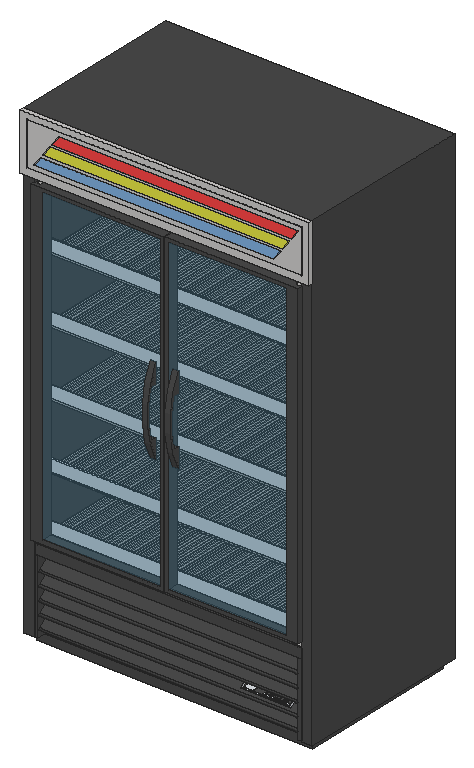
Revit family "QF_TRUE_TVM-48-HC~VM01", category Specialty Equipment, Revit 2016
Family settings
  Part Type = Normal
  Round Connector Dimension = Use Diameter
  Work Plane-Based = No
  Always vertical = Yes
  Cut with Voids When Loaded = No
  Shared = No
  Room Calculation Point = No
Parameters
  Weight in Pounds = 520
  Watts = if(Phase = 3, Volts * FL Amps * 1.73, Volts * FL Amps)  # 1207.5 W
  Volts = 115 V
  URL Cutsheet = ""
  Specification by User = ""
  Specification by Manufacturer = ""
  Show Seismic Flanged [instance] = no
  Show Logo [instance] = yes
  Show Default [instance] = if(Show 4 Inches Castors, or(Show 6 Inches Legs, Show Seismic Flanged), if(Show Seismic Flanged, Show 6 Inches Legs, not(or(Show 6 Inches Legs, Show Seismic Flanged, Show 4 Inches Castors))))  # yes
  Show Clearance [instance] = yes
  Show 6 Inches Legs [instance] = no
  Show 4 Inches Castors [instance] = no
  Serial Number = ""
  Seismic Rating = ""
  Seismic Flanged [instance] = and(Show Seismic Flanged, not(Show Default))  # no
  SMACNA No = ""
  Revision Code = ""
  Phase = 1
  Number of Poles = 1
  NAFEM Spec ID Number = ""
  Model = "TVM-48-HC~VM01"
  Min Ckt Ampacity = 0 A
  Max Overcurrent Protection = 0 A
  Materials and Finishes = QF_Plastic - Black - Smooth
  Masterspec = ""
  Manufacturer = "TRUE"
  Length = 47 5/32"
  Item Number = ""
  Installed By = ""
  Identify Quantity as Lot = yes
  Height [instance] = Body Height + Base Height  # 78 9/16"
  HP = "1/2"
  Furnished By = ""
  Foodservice Equipment Identifier = yes
  FL Amps = 10.5 A
  Electrical Remarks = ""
  Electric Connection Type = ""
  Elec Conn RI Height = 0"
  Elec Conn Connection Height = 0"
  Description = "SWING DOOR REFRIGERATOR WITH HYDROCARBON REFRIGERANT~VISUAL MERCHANDISER VERSION 01"
  Depth = 29 13/16"
  Cycle = 60 Hz
  Conn Plug = "NEMA 5-15P"
  Conn Conduit = yes
  CSI MasterFormat = ""
  Body Height [instance] = 78 5/16"  # constant formula
  Base Height [instance] = if(Show Default, 1/4", if(Show 4 Inches Castors, 4", if(Show 6 Inches Legs, 6", if(Show Seismic Flanged, 6", 1/4"))))  # 1/4"
  Apparent Power = if(Phase = 3, Volts * FL Amps * 1.73, Volts * FL Amps)  # 1207.5 VA
  6 Inches Legs [instance] = and(Show 6 Inches Legs, not(Show Default))  # no
  4 Inches Castors [instance] = and(Show 4 Inches Castors, not(Show Default))  # no
  2.5 Inches Caster [instance] = and(Show 4 Inches Castors, not(Show Default))  # no
Reference planes (in)
  plane 1 "BACK": y = 0
  plane 2: z = 0
  plane 3 "LEFT": x = 0
  plane 4 "RIGHT": x = 47.15625
  plane 5 "FRONT": y = -29.8125
  plane 6 "TOP": z = 0.25
  plane 7 "Center Y": x = 23.57813
  plane 8 "Center X": y = -14.90625
  plane 9: z = 78.5625
Dimensions and locks (in)
  equal spacing: plane 3 "LEFT", plane 7 "Center Y", plane 4 "RIGHT"
  "Length": plane 3 "LEFT" to plane 4 "RIGHT"
  equal spacing: plane 5 "FRONT", plane 8 "Center X", plane 1 "BACK"
  "Depth": plane 5 "FRONT" to plane 1 "BACK"
  "Base Height": plane 6 "TOP" to level
  "Body Height": plane 9 to plane 6 "TOP"
  aligned and locked: plane 2 to level
  aligned and locked: plane 6 "TOP" to nested 1
Nested families (in)
  nested 1: "TVM-48-HC~VM01" at (0, 0, -0.03897), Show Clearance <- "Show Clearance", Show Logo <- "Show Logo", Materials and Finishes <- "Materials and Finishes", type "TVM-48-HC~VM01"
    with Show Logo yes, Show Clearance yes, Materials and Finishes QF_Plastic - Black - Smooth
  nested 2: "LEGS & CASTERS" at (2.125, -25.55327, 0), Show Default <- "Show Default", Show 6 Inches Legs <- "6 Inches Legs", Show Seismic Flanged <- "Seismic Flanged", Show 4 Inches Casters <- "4 Inches Castors", type "LEGS & CASTERS"
    with Type Mark "", Specification by User "", Show Seismic Flanged no, Show Default yes, Show 6 Inches Legs no, Show 4 Inches Casters no, Revision Code "", Item Number "", Installed By "", Identify Quantity as Lot yes, Furnished By "", Foodservice Equipment Identifier yes
  nested 3: "LEGS & CASTERS" at (45.03125, -25.55327, 0), Show Default <- "Show Default", Show 6 Inches Legs <- "6 Inches Legs", Show Seismic Flanged <- "Seismic Flanged", Show 4 Inches Casters <- "4 Inches Castors", type "LEGS & CASTERS"
    with Type Mark "", Specification by User "", Show Seismic Flanged no, Show Default yes, Show 6 Inches Legs no, Show 4 Inches Casters no, Revision Code "", Item Number "", Installed By "", Identify Quantity as Lot yes, Furnished By "", Foodservice Equipment Identifier yes
  nested 4: "LEGS & CASTERS" at (2.125, -3.54048, 0), Show Default <- "Show Default", Show 6 Inches Legs <- "6 Inches Legs", Show Seismic Flanged <- "Seismic Flanged", Show 4 Inches Casters <- "4 Inches Castors", type "LEGS & CASTERS"
    with Type Mark "", Specification by User "", Show Seismic Flanged no, Show Default yes, Show 6 Inches Legs no, Show 4 Inches Casters no, Revision Code "", Item Number "", Installed By "", Identify Quantity as Lot yes, Furnished By "", Foodservice Equipment Identifier yes
  nested 5: "LEGS & CASTERS" at (45.03125, -3.54048, 0), Show Default <- "Show Default", Show 6 Inches Legs <- "6 Inches Legs", Show Seismic Flanged <- "Seismic Flanged", Show 4 Inches Casters <- "4 Inches Castors", type "LEGS & CASTERS"
    with Type Mark "", Specification by User "", Show Seismic Flanged no, Show Default yes, Show 6 Inches Legs no, Show 4 Inches Casters no, Revision Code "", Item Number "", Installed By "", Identify Quantity as Lot yes, Furnished By "", Foodservice Equipment Identifier yes
Connectors (in)
  electrical at (23.57812, 0.25, 9.61583), driven by "Volts", driven by "Watts"
    settings: on nested 1, index 1, voltage 115 V, apparent load 1207.5 VA, apparent load phase1 0 VA, apparent load phase2 0 VA, apparent load phase3 0 VA, power factor 1, load classification "Other", number of poles 1, system type 30, power factor state 1, is connector primary yes, connector utility no, sub classification motor no, connector description "ELECTRICAL CONNECTION"
Definition of nested family "TVM-48-HC~VM01"
  Parameters (values of type "TVM-48-HC~VM01")
    Weight in Pounds = 0
    Watts = if(Phase = 3, Volts * FL Amps * 1.73, Volts * FL Amps)  # 230 W
    Volts = 115 V
    URL Cutsheet = ""
    Specification by User = ""
    Specification by Manufacturer = ""
    Show Logo [instance] = yes
    Show Clearance [instance] = yes
    Serial Number = ""
    Seismic Rating = ""
    SMACNA No = ""
    Revision Code = ""
    Phase = 1
    Number of Poles = 1
    NAFEM Spec ID Number = ""
    Model = "TVM-48SL-54-HC~VM01"
    Min Ckt Ampacity = 0 A
    Max Overcurrent Protection = 0 A
    Materials and Finishes [instance] = none
    Masterspec = ""
    Manufacturer = "TRUE"
    Length = 47 5/32"
    Item Number = ""
    Installed By = ""
    Identify Quantity as Lot = yes
    Height = 78 9/16"
    HP = "1/4"
    Furnished By = ""
    Foodservice Equipment Identifier = yes
    FL Amps = 2 A
    Electrical Remarks = ""
    Electric Connection Type = ""
    Elec Conn RI Height = 0"
    Elec Conn Connection Height = 0"
    Description = "SLIM LINE REFRIGERATOR WITH HYDROCARBON REFRIGERANT~VISUAL MERCHANDISER VERSION 01"
    Depth = 29 13/16"
    Cycle = 60 Hz
    Conn Plug = "5-15P"
    Conn Conduit = yes
    CSI MasterFormat = ""
    Apparent Power = if(Phase = 3, Volts * FL Amps * 1.73, Volts * FL Amps)  # 230 VA
  Reference planes (in)
    plane 1 "BACK": y = 0
    plane 2: z = 0
    plane 3 "LEFT": x = 0
    plane 4 "RIGHT": x = 47.15625
    plane 5 "FRONT": y = -29.8125
    plane 6 "TOP": z = 78.5625
    plane 7 "Center Y": x = 23.57812
    plane 8 "Center X": y = -14.90625
    plane 9: y = -31.53125
    plane 10: y = 0.53125
    plane 11: y = -49.71875
  Forms (in)
    Extrusion 1, solid, material <- "Materials and Finishes"
      sketch origin (0, 0, 0) x (1, 0, 0) y (0, 0, 1)
        loop
          line (0, 1.625) -> (1.75, 1.625) -> (1.75, 69.33375) -> (45.40625, 69.33375) -> (45.40625, 1.625) -> (47.15625, 1.625) -> (47.15625, 78.5625) -> (0, 78.5625) -> (0, 1.625)
      from 0 to 29.06479
    Extrusion 2, solid
      sketch origin (0, -29.06479, 0) x (1, 0, 0) y (0, 0, 1)
        loop
          line (0, 78.5625) -> (0, 69.33375) -> (47.15625, 69.33375) -> (47.15625, 78.5625) -> (0, 78.5625)
        loop
          line (1.08306, 77.62374) -> (1.08306, 70.37374) -> (46.08306, 70.37374) -> (46.08306, 77.62374) -> (1.08306, 77.62374)
      from 0 to 0.74771
    Extrusion 3, solid
      sketch origin (0, -29.06479, 0) x (1, 0, 0) y (0, 0, 1)
        loop
          line (2.28633, 71.25038) -> (41.45255, 71.25038) -> (42.54236, 72.75038) -> (3.37615, 72.75038) -> (2.28633, 71.25038)
      from 0 to 0.74771
    Extrusion 4, solid
      sketch origin (0, -29.06479, 0) x (1, 0, 0) y (0, 0, 1)
        loop
          line (1.08306, 77.62374) -> (1.08306, 70.37374) -> (46.08306, 70.37374) -> (46.08306, 77.62374) -> (1.08306, 77.62374)
        loop
          line (45.44853, 76.75038) -> (6.28232, 76.75038) -> (5.1925, 75.25038) -> (44.35872, 75.25038) -> (45.44853, 76.75038)
        loop
          line (43.99544, 74.75038) -> (4.82923, 74.75038) -> (3.73942, 73.25038) -> (42.90563, 73.25038) -> (43.99544, 74.75038)
        loop
          line (42.54236, 72.75038) -> (3.37615, 72.75038) -> (2.28633, 71.25038) -> (41.45255, 71.25038) -> (42.54236, 72.75038)
      from 0 to 0.74771
    Extrusion 5, solid
      sketch origin (0, -29.06479, 0) x (1, 0, 0) y (0, 0, 1)
        loop
          line (5.1925, 75.25038) -> (44.35872, 75.25038) -> (45.44853, 76.75038) -> (6.28232, 76.75038) -> (5.1925, 75.25038)
      from 0 to 0.74771
    Extrusion 6, solid
      sketch origin (0, -29.06479, 0) x (1, 0, 0) y (0, 0, 1)
        loop
          line (3.73942, 73.25038) -> (42.90563, 73.25038) -> (43.99544, 74.75038) -> (4.82923, 74.75038) -> (3.73942, 73.25038)
      from 0 to 0.74771
    Extrusion 7, solid, material <- "Materials and Finishes"
      sketch origin (0, 0, 0) x (1, 0, 0) y (0, 0, 1)
        loop
          line (1.75, 15.33375) -> (1.75, 13.70957) -> (45.40625, 13.70957) -> (45.40625, 15.33375) -> (1.75, 15.33375)
        loop
          line (1.75, 68.89625) -> (45.40625, 68.89625) -> (45.40625, 69.33375) -> (1.75, 69.33375) -> (1.75, 68.89625)
      from 0 to 28.06479
    Extrusion 8, solid, material <- "Materials and Finishes"
      sketch origin (0, -29.06479, 0) x (1, 0, 0) y (0, 0, 1)
        loop
          line (1.75, 13.70957) -> (1.75, 1.625) -> (2.3321, 1.625) -> (2.3321, 13.70957) -> (1.75, 13.70957)
        loop
          line (45.375, 13.70957) -> (44.7929, 13.70957) -> (44.7929, 1.625) -> (45.375, 1.625) -> (45.375, 13.70957)
      from 0 to -2
    Extrusion 9, solid, material <- "Materials and Finishes"
      sketch origin (2.3321, -29.06479, 11.64787) x (0, 0, -1) y (0, 1, 0)
        loop
          line (-0.72617, 2) -> (-1.35223, 2) -> (0.03665, 0.15689)
          arc (0.03665, 0.15689) -> (0.38677, 0.10768) -> (0.43597, 0.45779) r 0.25
          line (0.43597, 0.45779) -> (-0.72617, 2)
        loop
          line (1.43008, 2) -> (0.80402, 2) -> (2.1929, 0.15689)
          arc (2.1929, 0.15689) -> (2.54302, 0.10768) -> (2.59222, 0.45779) r 0.25
          line (2.59222, 0.45779) -> (1.43008, 2)
        loop
          line (3.54266, 2) -> (2.9166, 2) -> (4.30548, 0.15689)
          arc (4.30548, 0.15689) -> (4.65559, 0.10768) -> (4.7048, 0.45779) r 0.25
          line (4.7048, 0.45779) -> (3.54266, 2)
        loop
          line (5.65524, 2) -> (5.02917, 2) -> (6.41806, 0.15689)
          arc (6.41806, 0.15689) -> (6.76817, 0.10768) -> (6.81738, 0.45779) r 0.25
          line (6.81738, 0.45779) -> (5.65524, 2)
        loop
          line (7.76782, 2) -> (7.14175, 2) -> (8.53064, 0.15689)
          arc (8.53064, 0.15689) -> (8.88075, 0.10768) -> (8.92996, 0.45779) r 0.25
          line (8.92996, 0.45779) -> (7.76782, 2)
      from 0 to 42.46081
    Extrusion 10, solid, material <- "Materials and Finishes"
      sketch origin (0, -29.06479, 1.88836) x (1, 0, 0) y (0, 0, 1)
        loop
          line (1.75, 14.31124) -> (23.5625, 14.31124) -> (23.5625, 66.37374) -> (1.75, 66.37374) -> (1.75, 14.31124)
        loop
          line (3.625, 65.87374) -> (3.625, 14.87374) -> (22.92984, 14.87374) -> (22.92984, 65.87374) -> (3.625, 65.87374)
      from -1 to 0.74771
    Extrusion 11, solid
      sketch origin (1.75, -8.16931, 68.89625) x (0, -1, 0) y (-1, 0, 0)
        loop
          circle (20.5, -0.5821) r 0.33333
      from 0.06973 to 0.63415
    Extrusion 12, solid
      sketch origin (1.75, -8.16931, 68.89625) x (0, -1, 0) y (-1, 0, 0)
        loop
          arc (20.865, -0.72509) -> (20.5873, -0.19727) -> (20.12544, -0.57462) r 0.38508
          line (20.12544, -0.57462) -> (20.12544, -2.54778) -> (20.34235, -2.54778) -> (20.865, -0.72509)
      from 0 to 0.06973
    Extrusion 13, solid
      sketch origin (1.75, -8.16931, 68.48326) x (0, -1, 0) y (1, 0, 0)
        loop
          line (20.12544, 0.57462) -> (20.18084, 0.57462) -> (20.18084, 2.54778) -> (20.12544, 2.54778) -> (20.12544, 0.57462)
      from 0 to 0.34326
    Extrusion 14, solid, material <- "Materials and Finishes"
      sketch origin (47.15625, -29.06479, 1.88836) x (-1, 0, 0) y (0, 0, -1)
        loop
          line (1.75, -14.31124) -> (1.75, -66.37374) -> (23.5625, -66.37374) -> (23.5625, -14.31124) -> (1.75, -14.31124)
        loop
          line (3.625, -65.87374) -> (22.92984, -65.87374) -> (22.92984, -14.87374) -> (3.625, -14.87374) -> (3.625, -65.87374)
      from -1 to 0.74771
    Extrusion 15, solid
      sketch origin (45.40625, -8.16931, 68.89625) x (0, 1, 0) y (1, 0, 0)
        loop
          circle (-20.5, -0.5821) r 0.33333
      from 0.06973 to 0.63415
    Extrusion 16, solid
      sketch origin (45.40625, -8.16931, 68.89625) x (0, 1, 0) y (1, 0, 0)
        loop
          line (-20.865, -0.72509) -> (-20.34235, -2.54778) -> (-20.12544, -2.54778) -> (-20.12544, -0.57462)
          arc (-20.12544, -0.57462) -> (-20.5873, -0.19727) -> (-20.865, -0.72509) r 0.38508
      from 0 to 0.06973
    Extrusion 17, solid
      sketch origin (45.40625, -8.16931, 68.48326) x (0, -1, 0) y (1, 0, 0)
        loop
          line (20.12544, -0.57462) -> (20.12544, -2.54778) -> (20.18084, -2.54778) -> (20.18084, -0.57462) -> (20.12544, -0.57462)
      from 0 to 0.34326
    Extrusion 18, solid, material <- "Materials and Finishes"
      sketch origin (1.75, 0, 47.9375) x (0, 0, -1) y (0, -1, 0)
        loop
          line (-20.3246, 28.26338) -> (-20.95875, 28.26338) -> (-20.95875, 28.06479) -> (-20.3246, 28.06479) -> (-20.3246, 28.26338)
        loop
          line (32.60375, 28.26338) -> (31.7379, 28.26338) -> (31.7379, 28.06479) -> (32.60375, 28.06479) -> (32.60375, 28.26338)
      from 0 to -43.625
    Extrusion 19, solid
      sketch origin (1.75, -10.13795, 15.33375) x (1, 0, 0) y (0, 1, 0)
        loop
          circle (0.5821, -18.5) r 0.33333
      from 0.06973 to 0.86585
    Extrusion 20, solid
      sketch origin (1.75, -10.13795, 15.33375) x (1, 0, 0) y (0, 1, 0)
        loop
          line (0.72509, -18.865) -> (2.54778, -18.34235) -> (2.54778, -18.12544) -> (0.57462, -18.12544)
          arc (0.57462, -18.12544) -> (0.19727, -18.5873) -> (0.72509, -18.865) r 0.38508
      from 0 to 0.06973
    Extrusion 21, solid
      sketch origin (1.75, -10.13795, 15.40348) x (1, 0, 0) y (0, 1, 0)
        loop
          line (0.57462, -18.12544) -> (0.57462, -18.18084) -> (2.54778, -18.18084) -> (2.54778, -18.12544) -> (0.57462, -18.12544)
      from 0 to 0.34326
    Extrusion 22, solid
      sketch origin (45.40625, -10.13795, 15.33375) x (-1, 0, 0) y (0, -1, 0)
        loop
          circle (0.5821, 18.5) r 0.33333
      from 0.06973 to 0.86585
    Extrusion 23, solid
      sketch origin (45.40625, -10.13795, 15.33375) x (-1, 0, 0) y (0, -1, 0)
        loop
          arc (0.72509, 18.865) -> (0.19727, 18.5873) -> (0.57462, 18.12544) r 0.38508
          line (0.57462, 18.12544) -> (2.54778, 18.12544) -> (2.54778, 18.34235) -> (0.72509, 18.865)
      from 0 to 0.06973
    Extrusion 24, solid
      sketch origin (45.40625, -10.13795, 15.40348) x (-1, 0, 0) y (0, -1, 0)
        loop
          line (0.57462, 18.12544) -> (2.54778, 18.12544) -> (2.54778, 18.18084) -> (0.57462, 18.18084) -> (0.57462, 18.12544)
      from 0 to 0.34326
    Extrusion 25, solid, material <- "Materials and Finishes"
      sketch origin (0, 0, 0) x (-1, 0, 0) y (0, 0, 1)
        loop
          line (-45.40625, 69.33375) -> (-45.40625, 15.33375) -> (-1.75, 15.33375) -> (-1.75, 69.33375) -> (-45.40625, 69.33375)
        loop
          line (-1.75, 13.70957) -> (-45.40625, 13.70957) -> (-45.40625, 1.625) -> (-1.75, 1.625) -> (-1.75, 13.70957)
      from 0 to -0.5
    Extrusion 26, solid, material <- "Materials and Finishes"
      sketch origin (1.75, 0, 13.70957) x (0, 0, 1) y (0, 1, 0)
        loop
          line (0, -28.06479) -> (0, -29.06479) -> (1.62418, -29.06479) -> (1.62418, -28.06479) -> (0, -28.06479)
      from 0 to -43.625
    Extrusion 27, solid, material <- "Materials and Finishes"
      sketch origin (45.40625, 0, 1.625) x (0, -1, 0) y (-1, 0, 0)
        loop
          line (27.06479, 0) -> (27.06479, 43.65625) -> (0.5, 43.65625) -> (0.5, 0) -> (27.06479, 0)
      from 0 to -12.08457
    Extrusion 28, solid, material <- "Materials and Finishes"
      sketch origin (0, 0, 0) x (0, 1, 0) y (0, 0, 1)
        loop
          line (-27.75, 1.625) -> (-27.75, 0.28897) -> (-1.1246, 0.28897) -> (-1.1246, 1.625) -> (-27.75, 1.625)
      from 1.05016 to 46.1457
    Extrusion 29, solid
      sketch origin (0, 0, 0) x (-1, 0, 0) y (0, 0, 1)
        loop
          circle (-23.57812, 9.6548) r 0.5
      from 0 to 0.25
    Extrusion 30, solid, material <- "Materials and Finishes"
      sketch origin (0, -9.10334, 0.97739) x (0, 1, 0) y (0, 0, 1)
        loop
          arc (-20.70916, 48.37123) -> (-22.42791, 41.18624) -> (-20.70916, 34.00125) r 15.87728
          line (-20.70916, 34.00125) -> (-20.70916, 37.28351) -> (-21.42204, 37.28351)
          arc (-21.42204, 37.28351) -> (-21.59429, 37.34185) -> (-21.69564, 37.49287) r 0.28347
          arc (-21.69564, 37.49287) -> (-22.19319, 41.21217) -> (-21.70658, 44.93293) r 14.30744
          arc (-21.70658, 44.93293) -> (-21.63141, 45.04547) -> (-21.50325, 45.08898) r 0.21048
          line (-21.50325, 45.08898) -> (-20.70916, 45.08898) -> (-20.70916, 48.37123)
      from 21.28857 to 22.16773
    Extrusion 31, solid, material <- "Materials and Finishes"
      sketch origin (47.15625, -9.10334, 0.97739) x (0, 1, 0) y (0, 0, -1)
        loop
          line (-20.70916, -48.37123) -> (-20.70916, -45.08898) -> (-21.50325, -45.08898)
          arc (-21.50325, -45.08898) -> (-21.63141, -45.04547) -> (-21.70658, -44.93293) r 0.21048
          arc (-21.70658, -44.93293) -> (-22.19319, -41.21217) -> (-21.69564, -37.49287) r 14.30744
          arc (-21.69564, -37.49287) -> (-21.59429, -37.34185) -> (-21.42204, -37.28351) r 0.28347
          line (-21.42204, -37.28351) -> (-20.70916, -37.28351) -> (-20.70916, -34.00125)
          arc (-20.70916, -34.00125) -> (-22.42791, -41.18624) -> (-20.70916, -48.37123) r 15.87728
      from 21.28857 to 22.16773
    Extrusion 32, solid
      sketch origin (0, -29.8125, 1.88836) x (1, 0, 0) y (0, 0, 1)
        loop
          line (3.625, 65.87374) -> (3.625, 14.87374) -> (22.92984, 14.87374) -> (22.92984, 65.87374) -> (3.625, 65.87374)
        loop
          line (24.22641, 14.87374) -> (43.53125, 14.87374) -> (43.53125, 65.87374) -> (24.22641, 65.87374) -> (24.22641, 14.87374)
      from 0 to -0.25
    Extrusion 33, solid, visible <- "Show Clearance", detail levels coarse
      sketch origin (0, 0, 0) x (1, 0, 0) y (0, 1, 0)
        loop
          line (1.75, -29.8125) -> (1.75, -49.71875)
          arc (1.75, -49.71875) -> (16.45316, -43.92614) -> (23.5625, -29.8125) r 22.16885
          line (23.5625, -29.8125) -> (1.75, -29.8125)
        loop
          line (45.4375, -29.8125) -> (23.6875, -29.8125)
          arc (23.6875, -29.8125) -> (30.71597, -43.96842) -> (45.4375, -49.71875) r 21.92173
          line (45.4375, -49.71875) -> (45.4375, -29.8125)
      from 16.1996 to 68.2621
    Extrusion 34, solid
      sketch origin (-6.9261, -176.1875, 25) x (-1, 0, 0) y (0, -1, 0)
        loop
          line (-8.70735, -149.1875) -> (-52.26985, -149.1875) -> (-52.26985, -173.375) -> (-8.70735, -173.375) -> (-8.70735, -149.1875)
        loop
          line (-8.95735, -149.4375) -> (-52.01985, -149.4375) -> (-52.01985, -173.125) -> (-8.95735, -173.125) -> (-8.95735, -149.4375)
      from 0 to 0.25
    Extrusion 35, solid
      sketch origin (0.03125, -4.875, -1.48438) x (1, 0, 0) y (0, 0, 1)
        loop
          circle (10.1875, 26.73438) r 0.125
        loop
          circle (9.6875, 26.73438) r 0.125
        loop
          circle (9.1875, 26.73438) r 0.125
        loop
          circle (8.6875, 26.73438) r 0.125
        loop
          circle (8.1875, 26.73438) r 0.125
        loop
          circle (7.6875, 26.73438) r 0.125
        loop
          circle (7.1875, 26.73438) r 0.125
        loop
          circle (6.6875, 26.73438) r 0.125
        loop
          circle (6.1875, 26.73438) r 0.125
        loop
          circle (5.6875, 26.73438) r 0.125
        loop
          circle (5.1875, 26.73438) r 0.125
        loop
          circle (4.6875, 26.73438) r 0.125
        loop
          circle (4.1875, 26.73438) r 0.125
        loop
          circle (3.6875, 26.73438) r 0.125
        loop
          circle (3.1875, 26.73438) r 0.125
        loop
          circle (2.6875, 26.73438) r 0.125
        loop
          circle (2.1875, 26.73438) r 0.125
        loop
          circle (10.6875, 26.73438) r 0.125
        loop
          circle (11.1875, 26.73438) r 0.125
        loop
          circle (11.6875, 26.73438) r 0.125
        loop
          circle (12.1875, 26.73438) r 0.125
        loop
          circle (12.6875, 26.73438) r 0.125
        loop
          circle (13.1875, 26.73438) r 0.125
        loop
          circle (13.6875, 26.73438) r 0.125
        loop
          circle (14.1875, 26.73438) r 0.125
        loop
          circle (14.6875, 26.73438) r 0.125
        loop
          circle (15.1875, 26.73438) r 0.125
        loop
          circle (15.6875, 26.73438) r 0.125
        loop
          circle (16.1875, 26.73438) r 0.125
        loop
          circle (16.6875, 26.73438) r 0.125
        loop
          circle (17.1875, 26.73438) r 0.125
        loop
          circle (17.6875, 26.73438) r 0.125
        loop
          circle (18.1875, 26.73438) r 0.125
        loop
          circle (26.1875, 26.73438) r 0.125
        loop
          circle (25.6875, 26.73438) r 0.125
        loop
          circle (25.1875, 26.73438) r 0.125
        loop
          circle (24.6875, 26.73438) r 0.125
        loop
          circle (24.1875, 26.73438) r 0.125
        loop
          circle (23.6875, 26.73438) r 0.125
        loop
          circle (23.1875, 26.73438) r 0.125
        loop
          circle (22.6875, 26.73438) r 0.125
        loop
          circle (22.1875, 26.73438) r 0.125
        loop
          circle (21.6875, 26.73438) r 0.125
        loop
          circle (21.1875, 26.73438) r 0.125
        loop
          circle (20.6875, 26.73438) r 0.125
        loop
          circle (20.1875, 26.73438) r 0.125
        loop
          circle (19.6875, 26.73438) r 0.125
        loop
          circle (19.1875, 26.73438) r 0.125
        loop
          circle (18.6875, 26.73438) r 0.125
        loop
          circle (26.6875, 26.73438) r 0.125
        loop
          circle (27.1875, 26.73438) r 0.125
        loop
          circle (27.6875, 26.73438) r 0.125
        loop
          circle (28.1875, 26.73438) r 0.125
        loop
          circle (28.6875, 26.73438) r 0.125
        loop
          circle (29.1875, 26.73438) r 0.125
        loop
          circle (29.6875, 26.73438) r 0.125
        loop
          circle (30.1875, 26.73438) r 0.125
        loop
          circle (30.6875, 26.73438) r 0.125
        loop
          circle (31.1875, 26.73438) r 0.125
        loop
          circle (31.6875, 26.73438) r 0.125
        loop
          circle (32.1875, 26.73438) r 0.125
        loop
          circle (32.6875, 26.73438) r 0.125
        loop
          circle (33.1875, 26.73438) r 0.125
        loop
          circle (33.6875, 26.73438) r 0.125
        loop
          circle (34.1875, 26.73438) r 0.125
        loop
          circle (42.1875, 26.73438) r 0.125
        loop
          circle (41.6875, 26.73438) r 0.125
        loop
          circle (41.1875, 26.73438) r 0.125
        loop
          circle (40.6875, 26.73438) r 0.125
        loop
          circle (40.1875, 26.73438) r 0.125
        loop
          circle (39.6875, 26.73438) r 0.125
        loop
          circle (39.1875, 26.73438) r 0.125
        loop
          circle (38.6875, 26.73438) r 0.125
        loop
          circle (38.1875, 26.73438) r 0.125
        loop
          circle (37.6875, 26.73438) r 0.125
        loop
          circle (37.1875, 26.73438) r 0.125
        loop
          circle (36.6875, 26.73438) r 0.125
        loop
          circle (36.1875, 26.73438) r 0.125
        loop
          circle (35.6875, 26.73438) r 0.125
        loop
          circle (35.1875, 26.73438) r 0.125
        loop
          circle (34.6875, 26.73438) r 0.125
        loop
          circle (42.6875, 26.73438) r 0.125
        loop
          circle (43.1875, 26.73438) r 0.125
        loop
          circle (43.6875, 26.73438) r 0.125
        loop
          circle (44.1875, 26.73438) r 0.125
        loop
          circle (44.6875, 26.73438) r 0.125
      from -2.0625 to 21.875
    Extrusion 36, solid
      sketch origin (0, -7.375, 2.1347) x (0, 1, 0) y (0, 0, 1)
        loop
          line (-19.60938, 23.1153) -> (-19.35938, 23.1153) -> (-19.35938, 25.1153) -> (-19.60938, 25.1153) -> (-19.60938, 23.1153)
      from 0 to 45.375
    Extrusion 37, solid
      sketch origin (-6.9261, -176.1875, 35.7125) x (-1, 0, 0) y (0, -1, 0)
        loop
          line (-8.70735, -149.1875) -> (-52.26985, -149.1875) -> (-52.26985, -173.375) -> (-8.70735, -173.375) -> (-8.70735, -149.1875)
        loop
          line (-8.95735, -149.4375) -> (-52.01985, -149.4375) -> (-52.01985, -173.125) -> (-8.95735, -173.125) -> (-8.95735, -149.4375)
      from 0 to 0.25
    Extrusion 38, solid
      sketch origin (0.03125, -4.875, 9.22812) x (1, 0, 0) y (0, 0, 1)
        loop
          circle (10.1875, 26.73438) r 0.125
        loop
          circle (9.6875, 26.73438) r 0.125
        loop
          circle (9.1875, 26.73438) r 0.125
        loop
          circle (8.6875, 26.73438) r 0.125
        loop
          circle (8.1875, 26.73438) r 0.125
        loop
          circle (7.6875, 26.73438) r 0.125
        loop
          circle (7.1875, 26.73438) r 0.125
        loop
          circle (6.6875, 26.73438) r 0.125
        loop
          circle (6.1875, 26.73438) r 0.125
        loop
          circle (5.6875, 26.73438) r 0.125
        loop
          circle (5.1875, 26.73438) r 0.125
        loop
          circle (4.6875, 26.73438) r 0.125
        loop
          circle (4.1875, 26.73438) r 0.125
        loop
          circle (3.6875, 26.73438) r 0.125
        loop
          circle (3.1875, 26.73438) r 0.125
        loop
          circle (2.6875, 26.73438) r 0.125
        loop
          circle (2.1875, 26.73438) r 0.125
        loop
          circle (10.6875, 26.73438) r 0.125
        loop
          circle (11.1875, 26.73438) r 0.125
        loop
          circle (11.6875, 26.73438) r 0.125
        loop
          circle (12.1875, 26.73438) r 0.125
        loop
          circle (12.6875, 26.73438) r 0.125
        loop
          circle (13.1875, 26.73438) r 0.125
        loop
          circle (13.6875, 26.73438) r 0.125
        loop
          circle (14.1875, 26.73438) r 0.125
        loop
          circle (14.6875, 26.73438) r 0.125
        loop
          circle (15.1875, 26.73438) r 0.125
        loop
          circle (15.6875, 26.73438) r 0.125
        loop
          circle (16.1875, 26.73438) r 0.125
        loop
          circle (16.6875, 26.73438) r 0.125
        loop
          circle (17.1875, 26.73438) r 0.125
        loop
          circle (17.6875, 26.73438) r 0.125
        loop
          circle (18.1875, 26.73438) r 0.125
        loop
          circle (26.1875, 26.73438) r 0.125
        loop
          circle (25.6875, 26.73438) r 0.125
        loop
          circle (25.1875, 26.73438) r 0.125
        loop
          circle (24.6875, 26.73438) r 0.125
        loop
          circle (24.1875, 26.73438) r 0.125
        loop
          circle (23.6875, 26.73438) r 0.125
        loop
          circle (23.1875, 26.73438) r 0.125
        loop
          circle (22.6875, 26.73438) r 0.125
        loop
          circle (22.1875, 26.73438) r 0.125
        loop
          circle (21.6875, 26.73438) r 0.125
        loop
          circle (21.1875, 26.73438) r 0.125
        loop
          circle (20.6875, 26.73438) r 0.125
        loop
          circle (20.1875, 26.73438) r 0.125
        loop
          circle (19.6875, 26.73438) r 0.125
        loop
          circle (19.1875, 26.73438) r 0.125
        loop
          circle (18.6875, 26.73438) r 0.125
        loop
          circle (26.6875, 26.73438) r 0.125
        loop
          circle (27.1875, 26.73438) r 0.125
        loop
          circle (27.6875, 26.73438) r 0.125
        loop
          circle (28.1875, 26.73438) r 0.125
        loop
          circle (28.6875, 26.73438) r 0.125
        loop
          circle (29.1875, 26.73438) r 0.125
        loop
          circle (29.6875, 26.73438) r 0.125
        loop
          circle (30.1875, 26.73438) r 0.125
        loop
          circle (30.6875, 26.73438) r 0.125
        loop
          circle (31.1875, 26.73438) r 0.125
        loop
          circle (31.6875, 26.73438) r 0.125
        loop
          circle (32.1875, 26.73438) r 0.125
        loop
          circle (32.6875, 26.73438) r 0.125
        loop
          circle (33.1875, 26.73438) r 0.125
        loop
          circle (33.6875, 26.73438) r 0.125
        loop
          circle (34.1875, 26.73438) r 0.125
        loop
          circle (42.1875, 26.73438) r 0.125
        loop
          circle (41.6875, 26.73438) r 0.125
        loop
          circle (41.1875, 26.73438) r 0.125
        loop
          circle (40.6875, 26.73438) r 0.125
        loop
          circle (40.1875, 26.73438) r 0.125
        loop
          circle (39.6875, 26.73438) r 0.125
        loop
          circle (39.1875, 26.73438) r 0.125
        loop
          circle (38.6875, 26.73438) r 0.125
        loop
          circle (38.1875, 26.73438) r 0.125
        loop
          circle (37.6875, 26.73438) r 0.125
        loop
          circle (37.1875, 26.73438) r 0.125
        loop
          circle (36.6875, 26.73438) r 0.125
        loop
          circle (36.1875, 26.73438) r 0.125
        loop
          circle (35.6875, 26.73438) r 0.125
        loop
          circle (35.1875, 26.73438) r 0.125
        loop
          circle (34.6875, 26.73438) r 0.125
        loop
          circle (42.6875, 26.73438) r 0.125
        loop
          circle (43.1875, 26.73438) r 0.125
        loop
          circle (43.6875, 26.73438) r 0.125
        loop
          circle (44.1875, 26.73438) r 0.125
        loop
          circle (44.6875, 26.73438) r 0.125
      from -2.0625 to 21.875
    Extrusion 39, solid
      sketch origin (0, -7.375, 12.8472) x (0, 1, 0) y (0, 0, 1)
        loop
          line (-19.60938, 23.1153) -> (-19.35938, 23.1153) -> (-19.35938, 25.1153) -> (-19.60938, 25.1153) -> (-19.60938, 23.1153)
      from 0 to 45.375
    Extrusion 40, solid
      sketch origin (-6.9261, -176.1875, 46.425) x (-1, 0, 0) y (0, -1, 0)
        loop
          line (-8.70735, -149.1875) -> (-52.26985, -149.1875) -> (-52.26985, -173.375) -> (-8.70735, -173.375) -> (-8.70735, -149.1875)
        loop
          line (-8.95735, -149.4375) -> (-52.01985, -149.4375) -> (-52.01985, -173.125) -> (-8.95735, -173.125) -> (-8.95735, -149.4375)
      from 0 to 0.25
    Extrusion 41, solid
      sketch origin (0.03125, -4.875, 19.94062) x (1, 0, 0) y (0, 0, 1)
        loop
          circle (10.1875, 26.73438) r 0.125
        loop
          circle (9.6875, 26.73438) r 0.125
        loop
          circle (9.1875, 26.73438) r 0.125
        loop
          circle (8.6875, 26.73438) r 0.125
        loop
          circle (8.1875, 26.73438) r 0.125
        loop
          circle (7.6875, 26.73438) r 0.125
        loop
          circle (7.1875, 26.73438) r 0.125
        loop
          circle (6.6875, 26.73438) r 0.125
        loop
          circle (6.1875, 26.73438) r 0.125
        loop
          circle (5.6875, 26.73438) r 0.125
        loop
          circle (5.1875, 26.73438) r 0.125
        loop
          circle (4.6875, 26.73438) r 0.125
        loop
          circle (4.1875, 26.73438) r 0.125
        loop
          circle (3.6875, 26.73438) r 0.125
        loop
          circle (3.1875, 26.73438) r 0.125
        loop
          circle (2.6875, 26.73438) r 0.125
        loop
          circle (2.1875, 26.73438) r 0.125
        loop
          circle (10.6875, 26.73438) r 0.125
        loop
          circle (11.1875, 26.73438) r 0.125
        loop
          circle (11.6875, 26.73438) r 0.125
        loop
          circle (12.1875, 26.73438) r 0.125
        loop
          circle (12.6875, 26.73438) r 0.125
        loop
          circle (13.1875, 26.73438) r 0.125
        loop
          circle (13.6875, 26.73438) r 0.125
        loop
          circle (14.1875, 26.73438) r 0.125
        loop
          circle (14.6875, 26.73438) r 0.125
        loop
          circle (15.1875, 26.73438) r 0.125
        loop
          circle (15.6875, 26.73438) r 0.125
        loop
          circle (16.1875, 26.73438) r 0.125
        loop
          circle (16.6875, 26.73438) r 0.125
        loop
          circle (17.1875, 26.73438) r 0.125
        loop
          circle (17.6875, 26.73438) r 0.125
        loop
          circle (18.1875, 26.73438) r 0.125
        loop
          circle (26.1875, 26.73438) r 0.125
        loop
          circle (25.6875, 26.73438) r 0.125
        loop
          circle (25.1875, 26.73438) r 0.125
        loop
          circle (24.6875, 26.73438) r 0.125
        loop
          circle (24.1875, 26.73438) r 0.125
        loop
          circle (23.6875, 26.73438) r 0.125
        loop
          circle (23.1875, 26.73438) r 0.125
        loop
          circle (22.6875, 26.73438) r 0.125
        loop
          circle (22.1875, 26.73438) r 0.125
        loop
          circle (21.6875, 26.73438) r 0.125
        loop
          circle (21.1875, 26.73438) r 0.125
        loop
          circle (20.6875, 26.73438) r 0.125
        loop
          circle (20.1875, 26.73438) r 0.125
        loop
          circle (19.6875, 26.73438) r 0.125
        loop
          circle (19.1875, 26.73438) r 0.125
        loop
          circle (18.6875, 26.73438) r 0.125
        loop
          circle (26.6875, 26.73438) r 0.125
        loop
          circle (27.1875, 26.73438) r 0.125
        loop
          circle (27.6875, 26.73438) r 0.125
        loop
          circle (28.1875, 26.73438) r 0.125
        loop
          circle (28.6875, 26.73438) r 0.125
        loop
          circle (29.1875, 26.73438) r 0.125
        loop
          circle (29.6875, 26.73438) r 0.125
        loop
          circle (30.1875, 26.73438) r 0.125
        loop
          circle (30.6875, 26.73438) r 0.125
        loop
          circle (31.1875, 26.73438) r 0.125
        loop
          circle (31.6875, 26.73438) r 0.125
        loop
          circle (32.1875, 26.73438) r 0.125
        loop
          circle (32.6875, 26.73438) r 0.125
        loop
          circle (33.1875, 26.73438) r 0.125
        loop
          circle (33.6875, 26.73438) r 0.125
        loop
          circle (34.1875, 26.73438) r 0.125
        loop
          circle (42.1875, 26.73438) r 0.125
        loop
          circle (41.6875, 26.73438) r 0.125
        loop
          circle (41.1875, 26.73438) r 0.125
        loop
          circle (40.6875, 26.73438) r 0.125
        loop
          circle (40.1875, 26.73438) r 0.125
        loop
          circle (39.6875, 26.73438) r 0.125
        loop
          circle (39.1875, 26.73438) r 0.125
        loop
          circle (38.6875, 26.73438) r 0.125
        loop
          circle (38.1875, 26.73438) r 0.125
        loop
          circle (37.6875, 26.73438) r 0.125
        loop
          circle (37.1875, 26.73438) r 0.125
        loop
          circle (36.6875, 26.73438) r 0.125
        loop
          circle (36.1875, 26.73438) r 0.125
        loop
          circle (35.6875, 26.73438) r 0.125
        loop
          circle (35.1875, 26.73438) r 0.125
        loop
          circle (34.6875, 26.73438) r 0.125
        loop
          circle (42.6875, 26.73438) r 0.125
        loop
          circle (43.1875, 26.73438) r 0.125
        loop
          circle (43.6875, 26.73438) r 0.125
        loop
          circle (44.1875, 26.73438) r 0.125
        loop
          circle (44.6875, 26.73438) r 0.125
      from -2.0625 to 21.875
    Extrusion 42, solid
      sketch origin (0, -7.375, 23.5597) x (0, 1, 0) y (0, 0, 1)
        loop
          line (-19.60938, 23.1153) -> (-19.35938, 23.1153) -> (-19.35938, 25.1153) -> (-19.60938, 25.1153) -> (-19.60938, 23.1153)
      from 0 to 45.375
    Extrusion 43, solid
      sketch origin (-6.9261, -176.1875, 57.1375) x (-1, 0, 0) y (0, -1, 0)
        loop
          line (-8.70735, -149.1875) -> (-52.26985, -149.1875) -> (-52.26985, -173.375) -> (-8.70735, -173.375) -> (-8.70735, -149.1875)
        loop
          line (-8.95735, -149.4375) -> (-52.01985, -149.4375) -> (-52.01985, -173.125) -> (-8.95735, -173.125) -> (-8.95735, -149.4375)
      from 0 to 0.25
    Extrusion 44, solid
      sketch origin (0.03125, -4.875, 30.65312) x (1, 0, 0) y (0, 0, 1)
        loop
          circle (10.1875, 26.73438) r 0.125
        loop
          circle (9.6875, 26.73438) r 0.125
        loop
          circle (9.1875, 26.73438) r 0.125
        loop
          circle (8.6875, 26.73438) r 0.125
        loop
          circle (8.1875, 26.73438) r 0.125
        loop
          circle (7.6875, 26.73438) r 0.125
        loop
          circle (7.1875, 26.73438) r 0.125
        loop
          circle (6.6875, 26.73438) r 0.125
        loop
          circle (6.1875, 26.73438) r 0.125
        loop
          circle (5.6875, 26.73438) r 0.125
        loop
          circle (5.1875, 26.73438) r 0.125
        loop
          circle (4.6875, 26.73438) r 0.125
        loop
          circle (4.1875, 26.73438) r 0.125
        loop
          circle (3.6875, 26.73438) r 0.125
        loop
          circle (3.1875, 26.73438) r 0.125
        loop
          circle (2.6875, 26.73438) r 0.125
        loop
          circle (2.1875, 26.73438) r 0.125
        loop
          circle (10.6875, 26.73438) r 0.125
        loop
          circle (11.1875, 26.73438) r 0.125
        loop
          circle (11.6875, 26.73438) r 0.125
        loop
          circle (12.1875, 26.73438) r 0.125
        loop
          circle (12.6875, 26.73438) r 0.125
        loop
          circle (13.1875, 26.73438) r 0.125
        loop
          circle (13.6875, 26.73438) r 0.125
        loop
          circle (14.1875, 26.73438) r 0.125
        loop
          circle (14.6875, 26.73438) r 0.125
        loop
          circle (15.1875, 26.73438) r 0.125
        loop
          circle (15.6875, 26.73438) r 0.125
        loop
          circle (16.1875, 26.73438) r 0.125
        loop
          circle (16.6875, 26.73438) r 0.125
        loop
          circle (17.1875, 26.73438) r 0.125
        loop
          circle (17.6875, 26.73438) r 0.125
        loop
          circle (18.1875, 26.73438) r 0.125
        loop
          circle (26.1875, 26.73438) r 0.125
        loop
          circle (25.6875, 26.73438) r 0.125
        loop
          circle (25.1875, 26.73438) r 0.125
        loop
          circle (24.6875, 26.73438) r 0.125
        loop
          circle (24.1875, 26.73438) r 0.125
        loop
          circle (23.6875, 26.73438) r 0.125
        loop
          circle (23.1875, 26.73438) r 0.125
        loop
          circle (22.6875, 26.73438) r 0.125
        loop
          circle (22.1875, 26.73438) r 0.125
        loop
          circle (21.6875, 26.73438) r 0.125
        loop
          circle (21.1875, 26.73438) r 0.125
        loop
          circle (20.6875, 26.73438) r 0.125
        loop
          circle (20.1875, 26.73438) r 0.125
        loop
          circle (19.6875, 26.73438) r 0.125
        loop
          circle (19.1875, 26.73438) r 0.125
        loop
          circle (18.6875, 26.73438) r 0.125
        loop
          circle (26.6875, 26.73438) r 0.125
        loop
          circle (27.1875, 26.73438) r 0.125
        loop
          circle (27.6875, 26.73438) r 0.125
        loop
          circle (28.1875, 26.73438) r 0.125
        loop
          circle (28.6875, 26.73438) r 0.125
        loop
          circle (29.1875, 26.73438) r 0.125
        loop
          circle (29.6875, 26.73438) r 0.125
        loop
          circle (30.1875, 26.73438) r 0.125
        loop
          circle (30.6875, 26.73438) r 0.125
        loop
          circle (31.1875, 26.73438) r 0.125
        loop
          circle (31.6875, 26.73438) r 0.125
        loop
          circle (32.1875, 26.73438) r 0.125
        loop
          circle (32.6875, 26.73438) r 0.125
        loop
          circle (33.1875, 26.73438) r 0.125
        loop
          circle (33.6875, 26.73438) r 0.125
        loop
          circle (34.1875, 26.73438) r 0.125
        loop
          circle (42.1875, 26.73438) r 0.125
        loop
          circle (41.6875, 26.73438) r 0.125
        loop
          circle (41.1875, 26.73438) r 0.125
        loop
          circle (40.6875, 26.73438) r 0.125
        loop
          circle (40.1875, 26.73438) r 0.125
        loop
          circle (39.6875, 26.73438) r 0.125
        loop
          circle (39.1875, 26.73438) r 0.125
        loop
          circle (38.6875, 26.73438) r 0.125
        loop
          circle (38.1875, 26.73438) r 0.125
        loop
          circle (37.6875, 26.73438) r 0.125
        loop
          circle (37.1875, 26.73438) r 0.125
        loop
          circle (36.6875, 26.73438) r 0.125
        loop
          circle (36.1875, 26.73438) r 0.125
        loop
          circle (35.6875, 26.73438) r 0.125
        loop
          circle (35.1875, 26.73438) r 0.125
        loop
          circle (34.6875, 26.73438) r 0.125
        loop
          circle (42.6875, 26.73438) r 0.125
        loop
          circle (43.1875, 26.73438) r 0.125
        loop
          circle (43.6875, 26.73438) r 0.125
        loop
          circle (44.1875, 26.73438) r 0.125
        loop
          circle (44.6875, 26.73438) r 0.125
      from -2.0625 to 21.875
    Extrusion 45, solid
      sketch origin (0, -7.375, 34.2722) x (0, 1, 0) y (0, 0, 1)
        loop
          line (-19.60938, 23.1153) -> (-19.35938, 23.1153) -> (-19.35938, 25.1153) -> (-19.60938, 25.1153) -> (-19.60938, 23.1153)
      from 0 to 45.375
    Extrusion 46, solid
      sketch origin (-6.9261, -176.1875, 15.7875) x (-1, 0, 0) y (0, -1, 0)
        loop
          line (-8.70735, -149.1875) -> (-52.26985, -149.1875) -> (-52.26985, -173.375) -> (-8.70735, -173.375) -> (-8.70735, -149.1875)
        loop
          line (-8.95735, -149.4375) -> (-52.01985, -149.4375) -> (-52.01985, -173.125) -> (-8.95735, -173.125) -> (-8.95735, -149.4375)
      from 0 to 0.25
    Extrusion 47, solid
      sketch origin (0.03125, -4.875, -10.69688) x (1, 0, 0) y (0, 0, 1)
        loop
          circle (10.1875, 26.73438) r 0.125
        loop
          circle (9.6875, 26.73438) r 0.125
        loop
          circle (9.1875, 26.73438) r 0.125
        loop
          circle (8.6875, 26.73438) r 0.125
        loop
          circle (8.1875, 26.73438) r 0.125
        loop
          circle (7.6875, 26.73438) r 0.125
        loop
          circle (7.1875, 26.73438) r 0.125
        loop
          circle (6.6875, 26.73438) r 0.125
        loop
          circle (6.1875, 26.73438) r 0.125
        loop
          circle (5.6875, 26.73438) r 0.125
        loop
          circle (5.1875, 26.73438) r 0.125
        loop
          circle (4.6875, 26.73438) r 0.125
        loop
          circle (4.1875, 26.73438) r 0.125
        loop
          circle (3.6875, 26.73438) r 0.125
        loop
          circle (3.1875, 26.73438) r 0.125
        loop
          circle (2.6875, 26.73438) r 0.125
        loop
          circle (2.1875, 26.73438) r 0.125
        loop
          circle (10.6875, 26.73438) r 0.125
        loop
          circle (11.1875, 26.73438) r 0.125
        loop
          circle (11.6875, 26.73438) r 0.125
        loop
          circle (12.1875, 26.73438) r 0.125
        loop
          circle (12.6875, 26.73438) r 0.125
        loop
          circle (13.1875, 26.73438) r 0.125
        loop
          circle (13.6875, 26.73438) r 0.125
        loop
          circle (14.1875, 26.73438) r 0.125
        loop
          circle (14.6875, 26.73438) r 0.125
        loop
          circle (15.1875, 26.73438) r 0.125
        loop
          circle (15.6875, 26.73438) r 0.125
        loop
          circle (16.1875, 26.73438) r 0.125
        loop
          circle (16.6875, 26.73438) r 0.125
        loop
          circle (17.1875, 26.73438) r 0.125
        loop
          circle (17.6875, 26.73438) r 0.125
        loop
          circle (18.1875, 26.73438) r 0.125
        loop
          circle (26.1875, 26.73438) r 0.125
        loop
          circle (25.6875, 26.73438) r 0.125
        loop
          circle (25.1875, 26.73438) r 0.125
        loop
          circle (24.6875, 26.73438) r 0.125
        loop
          circle (24.1875, 26.73438) r 0.125
        loop
          circle (23.6875, 26.73438) r 0.125
        loop
          circle (23.1875, 26.73438) r 0.125
        loop
          circle (22.6875, 26.73438) r 0.125
        loop
          circle (22.1875, 26.73438) r 0.125
        loop
          circle (21.6875, 26.73438) r 0.125
        loop
          circle (21.1875, 26.73438) r 0.125
        loop
          circle (20.6875, 26.73438) r 0.125
        loop
          circle (20.1875, 26.73438) r 0.125
        loop
          circle (19.6875, 26.73438) r 0.125
        loop
          circle (19.1875, 26.73438) r 0.125
        loop
          circle (18.6875, 26.73438) r 0.125
        loop
          circle (26.6875, 26.73438) r 0.125
        loop
          circle (27.1875, 26.73438) r 0.125
        loop
          circle (27.6875, 26.73438) r 0.125
        loop
          circle (28.1875, 26.73438) r 0.125
        loop
          circle (28.6875, 26.73438) r 0.125
        loop
          circle (29.1875, 26.73438) r 0.125
        loop
          circle (29.6875, 26.73438) r 0.125
        loop
          circle (30.1875, 26.73438) r 0.125
        loop
          circle (30.6875, 26.73438) r 0.125
        loop
          circle (31.1875, 26.73438) r 0.125
        loop
          circle (31.6875, 26.73438) r 0.125
        loop
          circle (32.1875, 26.73438) r 0.125
        loop
          circle (32.6875, 26.73438) r 0.125
        loop
          circle (33.1875, 26.73438) r 0.125
        loop
          circle (33.6875, 26.73438) r 0.125
        loop
          circle (34.1875, 26.73438) r 0.125
        loop
          circle (42.1875, 26.73438) r 0.125
        loop
          circle (41.6875, 26.73438) r 0.125
        loop
          circle (41.1875, 26.73438) r 0.125
        loop
          circle (40.6875, 26.73438) r 0.125
        loop
          circle (40.1875, 26.73438) r 0.125
        loop
          circle (39.6875, 26.73438) r 0.125
        loop
          circle (39.1875, 26.73438) r 0.125
        loop
          circle (38.6875, 26.73438) r 0.125
        loop
          circle (38.1875, 26.73438) r 0.125
        loop
          circle (37.6875, 26.73438) r 0.125
        loop
          circle (37.1875, 26.73438) r 0.125
        loop
          circle (36.6875, 26.73438) r 0.125
        loop
          circle (36.1875, 26.73438) r 0.125
        loop
          circle (35.6875, 26.73438) r 0.125
        loop
          circle (35.1875, 26.73438) r 0.125
        loop
          circle (34.6875, 26.73438) r 0.125
        loop
          circle (42.6875, 26.73438) r 0.125
        loop
          circle (43.1875, 26.73438) r 0.125
        loop
          circle (43.6875, 26.73438) r 0.125
        loop
          circle (44.1875, 26.73438) r 0.125
        loop
          circle (44.6875, 26.73438) r 0.125
      from -2.0625 to 21.875
    Extrusion 48, solid
      sketch origin (0, -7.375, -7.0778) x (0, 1, 0) y (0, 0, 1)
        loop
          line (-19.60938, 23.1153) -> (-19.35938, 23.1153) -> (-19.35938, 25.1153) -> (-19.60938, 25.1153) -> (-19.60938, 23.1153)
      from 0 to 45.375
  Lines and regions (in)
    symbolic lines
      curve 1: line (0, 0, 0) -> (47.15625, 0, 0)
      curve 2: line (0, -29.8125, 0) -> (0, 0, 0)
      curve 3: line (47.15625, -29.8125, 0) -> (0, -29.8125, 0)
      curve 4: line (47.15625, 0, 0) -> (47.15625, -29.8125, 0)
      curve 5: line (47.15625, -29.06479, 0) -> (0, -29.06479, 0)
      curve 6: line (22.16773, -31.53125, 0) -> (22.16773, -29.8125, 0)
      curve 7: line (21.28857, -29.8125, 0) -> (21.28857, -31.53125, 0)
      curve 8: line (22.16773, -31.53125, 0) -> (21.28857, -31.53125, 0)
      curve 9: line (24.98852, -31.53125, 0) -> (24.98852, -29.8125, 0)
      curve 10: line (24.98852, -31.53125, 0) -> (25.86768, -31.53125, 0)
      curve 11: line (25.86768, -31.53125, 0) -> (25.86768, -29.8125, 0)
      curve 12: line (1.75, -29.8125, 0) -> (19.72298, -40.18921, 0)
      curve 13: arc (19.72298, -40.18921, 0) -> (22.30051, -35.24424, 0) -> (23.5625, -29.8125, 0) r 22.16885
      curve 14: line (45.40625, -29.8125, 0) -> (27.43327, -40.18921, 0)
      curve 15: arc (27.43327, -40.18921, 0) -> (24.85574, -35.24424, 0) -> (23.59375, -29.8125, 0) r 22.16885
  Dimensions and locks (in)
    equal spacing: plane 3 "LEFT", plane 7 "Center Y", plane 4 "RIGHT"
    "Length": plane 3 "LEFT" to plane 4 "RIGHT"
    equal spacing: plane 5 "FRONT", plane 8 "Center X", plane 1 "BACK"
    "Depth": plane 5 "FRONT" to plane 1 "BACK"
    "Height": plane 6 "TOP" to level
    plane 5 "FRONT" to plane 1 "BACK" = 29 13/16"
    plane 4 "RIGHT" to plane 3 "LEFT" = 47 5/32"
    plane 9 to plane 10 = 32 1/16"
    plane 11 to plane 1 "BACK" = 49 23/32"
    aligned and locked: plane 2 to level
  Automatic sketch dimensions
    curve 5 to plane 3 "LEFT" = 0"
    plane 5 "FRONT" to curve 12 = 0"
    plane 9 to curve 7 = 0"
    plane 9 to curve 10 = 0"
    curve 5 to plane 4 "RIGHT" = 0"
    plane 1 "BACK" to curve 2 = 0"
    plane 3 "LEFT" to curve 13 = 1.50928"
    curve 12 to plane 7 "Center Y" = 3.85514"
    curve 7 to plane 7 "Center Y" = 2.28956"
    curve 7 to curve 8 = 0.87917"
    plane 7 "Center Y" to curve 10 = 1.41039"
    curve 9 to curve 10 = 0.87917"
    plane 7 "Center Y" to curve 14 = 3.85514"
    plane 4 "RIGHT" to curve 15 = 1.50928"
    plane 9 to curve 14 = 8.65796"
    curve 12 to curve 14 = 0"
    curve 15 to plane 5 "FRONT" = 2.26129"
    curve 13 to plane 5 "FRONT" = 2.26129"
    plane 3 "LEFT" to curve 12 = 1 3/4"
    plane 4 "RIGHT" to curve 14 = 1 3/4"
    curve 5 to plane 5 "FRONT" = 0.74771"
    Extrusion 1 sketch curve to plane 3 "LEFT" = 0"
    plane 4 "RIGHT" to Extrusion 1 sketch curve = 0"
    Extrusion 1 sketch curve to plane 6 "TOP" = 0"
    plane 3 "LEFT" to Extrusion 1 sketch curve = 1 3/4"
    plane 4 "RIGHT" to Extrusion 1 sketch curve = 1 3/4"
    Extrusion 1 sketch curve to plane 6 "TOP" = 9.22875"
    level to Extrusion 1 sketch curve = 1 5/8"  (x2)
    Extrusion 1 to Extrusion 2 sketch curve = 0"
    Extrusion 2 sketch curve to Extrusion 1 = 0"  (x3)
    Extrusion 2 sketch curve to Extrusion 1 = 0.66694"
    Extrusion 2 sketch curve to Extrusion 1 = 0.67681"
    Extrusion 2 sketch curve to Extrusion 1 = 1.03999"
    Extrusion 2 sketch curve to Extrusion 1 = 0.93876"
    Extrusion 1 to Extrusion 3 sketch curve = 0.53633"
    Extrusion 1 to Extrusion 3 sketch curve = 1.62615"
    Extrusion 3 sketch curve to Extrusion 1 = 1.91663"
    Extrusion 1 to Extrusion 3 sketch curve = 3.9537"
    Extrusion 3 sketch curve to Extrusion 3 sketch curve = 1.08981"
    Extrusion 3 sketch curve to Extrusion 3 sketch curve = 1 1/2"
    Extrusion 4 sketch curve to Extrusion 1 = 0.66694"
    Extrusion 1 to Extrusion 4 sketch curve = 0.53633"
    Extrusion 1 to Extrusion 4 sketch curve = 1.62615"
    Extrusion 4 sketch curve to Extrusion 4 sketch curve = 93/256"  (x4)
    Extrusion 4 sketch curve to Extrusion 4 sketch curve = 1.08981"  (x3)
    Extrusion 4 sketch curve to Extrusion 1 = 1.91663"
    Extrusion 1 to Extrusion 4 sketch curve = 3.9537"
    Extrusion 1 to Extrusion 4 sketch curve = 1.41081"
    Extrusion 4 sketch curve to Extrusion 1 = 0.04228"
    Extrusion 4 sketch curve to Extrusion 1 = 0.67681"
    Extrusion 4 sketch curve to Extrusion 1 = 1.03999"
    Extrusion 4 sketch curve to Extrusion 4 sketch curve = 1 1/2"  (x2)
    Extrusion 4 sketch curve to Extrusion 4 sketch curve = 1/2"  (x2)
    Extrusion 4 sketch curve to Extrusion 1 = 1.81212"
    Extrusion 4 sketch curve to Extrusion 1 = 0.93876"
    Extrusion 1 to Extrusion 5 sketch curve = 3.4425"
    Extrusion 5 sketch curve to Extrusion 5 sketch curve = 1.08981"
    Extrusion 1 to Extrusion 5 sketch curve = 1.04753"
    Extrusion 5 sketch curve to Extrusion 1 = 0.04228"
    Extrusion 5 sketch curve to Extrusion 1 = 3.31212"
    Extrusion 5 sketch curve to Extrusion 1 = 1.81212"
    Extrusion 1 to Extrusion 6 sketch curve = 1.98942"
    Extrusion 6 sketch curve to Extrusion 6 sketch curve = 1.08981"
    Extrusion 1 to Extrusion 6 sketch curve = 2.50062"
    Extrusion 1 to Extrusion 6 sketch curve = 1.41081"
    Extrusion 6 sketch curve to Extrusion 1 = 3.91663"
    Extrusion 6 sketch curve to Extrusion 6 sketch curve = 1 1/2"
    plane 3 "LEFT" to Extrusion 7 sketch curve = 1 3/4"  (x2)
    plane 4 "RIGHT" to Extrusion 7 sketch curve = 1 3/4"  (x2)
    level to Extrusion 7 sketch curve = 13.70957"
    Extrusion 7 sketch curve to Extrusion 7 sketch curve = 1.62418"
    Extrusion 7 sketch curve to plane 6 "TOP" = 9.66625"
    Extrusion 7 sketch curve to Extrusion 7 sketch curve = 7/16"
    plane 3 "LEFT" to Extrusion 8 sketch curve = 1 3/4"
    Extrusion 8 sketch curve to Extrusion 8 sketch curve = 0.5821"  (x2)
    plane 4 "RIGHT" to Extrusion 8 sketch curve = 2.36335"
    level to Extrusion 8 sketch curve = 1 5/8"  (x2)
    Extrusion 8 sketch curve to Extrusion 8 sketch curve = 12.08457"  (x2)
    Extrusion 9 sketch curve to Extrusion 8 = 0"  (x5)
    Extrusion 8 to Extrusion 9 sketch curve = 0.70946"
    Extrusion 9 sketch curve to Extrusion 9 sketch curve = 0.62607"  (x5)
    Extrusion 8 to Extrusion 9 sketch curve = 0.15689"  (x5)
    Extrusion 9 sketch curve to Extrusion 9 sketch curve = 0.76282"
    Extrusion 9 sketch curve to Extrusion 9 sketch curve = 0.19966"  (x10)
    Extrusion 8 to Extrusion 9 sketch curve = 0.45779"  (x5)
    Extrusion 9 sketch curve to Extrusion 9 sketch curve = 1.53018"
    Extrusion 9 sketch curve to Extrusion 9 sketch curve = 1.75693"
    Extrusion 9 sketch curve to Extrusion 9 sketch curve = 1.48651"  (x3)
    Extrusion 9 sketch curve to Extrusion 9 sketch curve = 1.71326"  (x2)
    Extrusion 8 to Extrusion 9 sketch curve = 1.49223"
    plane 3 "LEFT" to Extrusion 10 sketch curve = 1 3/4"
    Extrusion 10 sketch curve to Extrusion 10 sketch curve = 1 7/8"
    Extrusion 10 sketch curve to plane 7 "Center Y" = 0.64829"
    Extrusion 10 sketch curve to plane 7 "Center Y" = 1/64"
    level to Extrusion 10 sketch curve = 16.1996"
    Extrusion 10 sketch curve to Extrusion 10 sketch curve = 9/16"
    Extrusion 10 sketch curve to plane 6 "TOP" = 10.8004"
    Extrusion 10 sketch curve to Extrusion 10 sketch curve = 1/2"
    Extrusion 11 sketch curve to plane 5 "FRONT" = 1.14319"
    plane 3 "LEFT" to Extrusion 11 sketch curve = 2.3321"
    Extrusion 12 sketch curve to plane 5 "FRONT" = 1.51775"
    Extrusion 12 sketch curve to Extrusion 12 sketch curve = 0.21691"
    Extrusion 12 sketch curve to Extrusion 12 sketch curve = 0.38508"
    Extrusion 12 sketch curve to Extrusion 12 sketch curve = 0.35447"
    plane 3 "LEFT" to Extrusion 12 sketch curve = 2.32462"
    Extrusion 12 sketch curve to Extrusion 12 sketch curve = 1.82269"
    Extrusion 13 sketch curve to plane 5 "FRONT" = 1.51775"
    Extrusion 13 sketch curve to Extrusion 13 sketch curve = 0.0554"
    plane 3 "LEFT" to Extrusion 13 sketch curve = 2.32462"
    Extrusion 13 sketch curve to Extrusion 13 sketch curve = 1.97315"
    plane 4 "RIGHT" to Extrusion 14 sketch curve = 1 3/4"
    Extrusion 14 sketch curve to Extrusion 14 sketch curve = 1 7/8"
    plane 7 "Center Y" to Extrusion 14 sketch curve = 0.64829"
    plane 7 "Center Y" to Extrusion 14 sketch curve = 1/64"
    Extrusion 14 sketch curve to plane 6 "TOP" = 10.3004"
    Extrusion 14 sketch curve to Extrusion 14 sketch curve = 1/2"
    level to Extrusion 14 sketch curve = 16.7621"
    Extrusion 14 sketch curve to Extrusion 14 sketch curve = 9/16"
    Extrusion 15 sketch curve to plane 5 "FRONT" = 1.14319"
    plane 4 "RIGHT" to Extrusion 15 sketch curve = 2.3321"
    Extrusion 16 sketch curve to plane 5 "FRONT" = 0.7782"
    Extrusion 16 sketch curve to Extrusion 16 sketch curve = 0.35447"
    Extrusion 16 sketch curve to plane 5 "FRONT" = 1.30084"
    Extrusion 16 sketch curve to Extrusion 16 sketch curve = 0.21691"
    plane 4 "RIGHT" to Extrusion 16 sketch curve = 2.32462"
    Extrusion 16 sketch curve to Extrusion 16 sketch curve = 1.82269"
    Extrusion 17 sketch curve to plane 5 "FRONT" = 1.51775"
    Extrusion 17 sketch curve to Extrusion 17 sketch curve = 0.0554"
    plane 4 "RIGHT" to Extrusion 17 sketch curve = 4.29778"
    Extrusion 17 sketch curve to Extrusion 17 sketch curve = 1.97315"
    Extrusion 18 sketch curve to plane 5 "FRONT" = 1.54912"  (x2)
    Extrusion 18 sketch curve to plane 6 "TOP" = 9.66625"
    Extrusion 18 sketch curve to Extrusion 18 sketch curve = 0.63415"
    level to Extrusion 18 sketch curve = 16.1996"
    Extrusion 18 sketch curve to Extrusion 18 sketch curve = 0.86585"
    Extrusion 18 sketch curve to Extrusion 18 sketch curve = 0.19859"  (x2)
    plane 3 "LEFT" to Extrusion 19 sketch curve = 2.3321"
    Extrusion 19 sketch curve to plane 5 "FRONT" = 1.17455"
    plane 3 "LEFT" to Extrusion 20 sketch curve = 2.32462"
    Extrusion 20 sketch curve to plane 5 "FRONT" = 0.80956"
    Extrusion 20 sketch curve to Extrusion 20 sketch curve = 0.15046"
    Extrusion 20 sketch curve to plane 5 "FRONT" = 1.33221"
    Extrusion 20 sketch curve to Extrusion 20 sketch curve = 1.82269"
    Extrusion 20 sketch curve to Extrusion 20 sketch curve = 0.35447"
    Extrusion 21 sketch curve to Extrusion 20 = 0"  (x2)
    Extrusion 21 sketch curve to Extrusion 21 sketch curve = 1.97315"
    Extrusion 21 sketch curve to Extrusion 20 = 0.0554"
    plane 4 "RIGHT" to Extrusion 22 sketch curve = 2.3321"
    Extrusion 22 sketch curve to plane 5 "FRONT" = 1.17455"
    plane 4 "RIGHT" to Extrusion 23 sketch curve = 2.32462"
    Extrusion 23 sketch curve to plane 5 "FRONT" = 0.80956"
    Extrusion 23 sketch curve to Extrusion 23 sketch curve = 0.15046"
    Extrusion 23 sketch curve to plane 5 "FRONT" = 1.33221"
    Extrusion 23 sketch curve to Extrusion 23 sketch curve = 1.82269"
    Extrusion 23 sketch curve to Extrusion 23 sketch curve = 0.21691"
    Extrusion 24 sketch curve to Extrusion 23 = 0"  (x2)
    Extrusion 24 sketch curve to Extrusion 23 = 1.97315"
    Extrusion 24 sketch curve to Extrusion 23 = 0.0554"
    Extrusion 1 to Extrusion 25 sketch curve = 0"  (x2)
    Extrusion 25 sketch curve to Extrusion 1 = 0"  (x4)
    Extrusion 25 sketch curve to Extrusion 1 = 12.08457"
    Extrusion 25 sketch curve to Extrusion 25 sketch curve = 1.62418"
    Extrusion 7 to Extrusion 26 sketch curve = 0"  (x2)
    Extrusion 26 sketch curve to Extrusion 7 = 0"
    Extrusion 26 sketch curve to Extrusion 7 = 1"
    Extrusion 27 sketch curve to Extrusion 1 = 0"
    Extrusion 27 sketch curve to Extrusion 1 = 1/2"
    Extrusion 27 sketch curve to Extrusion 1 = 2"
    Extrusion 1 to Extrusion 27 sketch curve = 43 21/32"
    level to Extrusion 28 sketch curve = 0.28897"
